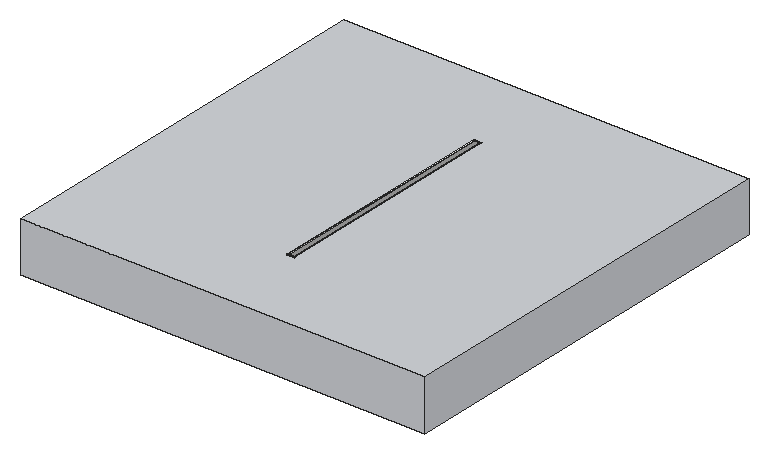
Revit family "LAMP_FIL 35 1400MM OPAL RECESSED", category Luminarias, Revit 2018
Family settings
  Anfitrión = Cara
  Cota de conector redondo = Diámetro de uso
  Tipo de pieza = Normal
  Corte con vacíos al cargar = No
  Origen de luz = Sí
  Compartido = No
  Punto de cálculo de habitación = No
Parameters (values of type "1520LM 3000K  BLACK")
  Ángulo de inclinación = -90.00°
  Weight = 3.35 kg
  Wattage = 14.4 W
  Type = "MID POWER TRIDONIC"
  built-in parameter 1150107 = 3000 (stored number, unit not read)
  Recessed dimensions = "1408x42x0"
  built-in parameter 1150110 = 1 (stored number, unit not read)
  built-in parameter 1150109 = 1 (stored number, unit not read)
  built-in parameter 1150112 = 1 (stored number, unit not read)
  built-in parameter 1150113 = 1 (stored number, unit not read)
  built-in parameter 1114218 = 1 (stored number, unit not read)
  Protection rating = "IP20 / IK07"
  Product datasheet = "http://www.lamp.es/product-files/TECH/F31RE140LOOP830NB-EN.pdf"
  Product code = "F31RE140LOOP830NB"
  Product URL = "https://www.lamp.es/en/family/fil-35_413911"
  Power Supply = "220-240V 50/60Hz"
  Power = 14 W
  Plum = 14.4 W
  Photobiological risk = ""
  NOT COVER 2 [instance] = not(END COVER 2)  # no
  NOT COVER 1 [instance] = not(END COVER 1)  # no
  built-in parameter 1150137 = (empty or 0)
  built-in parameter 1150132 = 2
  Modelo = Product code  # "F31RE140LOOP830NB"
  Model Explanation = ""
  Material suspension = LAMP_Acero genérico
  Material perfil = LAMP_Aluminio Perfil Fil NG
  Material difusor = LAMP_PC Difusor Opal Fil
  Manufacturer name = "LAMP"
  Manufacturer country = "Spain"
  Manufacturer URL = "http://www.lamp.es/en"
  MacAdam = "3"
  Longitud de línea de emisión = 1400 mm
  Last update = "04/05/2021"
  Lamp = "MID-POWER LED"
  LED Lifetime = "50.000 L90 B10"
  built-in parameter 1150105 = 121.01 (stored number, unit not read)
  built-in parameter 1150102 = (empty or 0)
  Insulation class = "I"
  Installation instructions = "https://www.lamp.es/product-files/INS/1004590-A%20INSTR.%20FIL35.pdf"
  built-in parameter 1150106 = 1.2101 (stored number, unit not read)
  IEE = "A+"
  Gear = "Electronic"
  Lumens = 1520.64 lm
  Finish = "Matte black RAL 9011"
  Color Filter = 16777215
  built-in parameter 1114217 = 1 (stored number, unit not read)
  built-in parameter 1150139 = (empty or 0)
  Fabricante = Manufacturer name  # "LAMP"
  Default Elevation = 1219.2 mm
  built-in parameter 1150104 = 9.8106 (stored number, unit not read)
  Efficacy = 105.6 lm/W
  END COVER 2 [instance] = yes
  END COVER 1 [instance] = yes
  Dimensions = "1400x45x76"
  Descripción = "FIL35 REC 1400 2000 WW OPAL BK."
  built-in parameter 1150115 = 1 (stored number, unit not read)
  built-in parameter 1150114 = 1 (stored number, unit not read)
  built-in parameter 1150138 = (empty or 0)
  built-in parameter 1150134 = 3
  Dimming Lamp Color Temperature Shift = (empty or 0)
  CRI = "80"
  Archivo de red fotométrica = "F31RE140LOOP830NB.IES"
  built-in parameter 1150133 = 10 (stored number, unit not read)
Types (12, lengths in mm): name | built-in parameter 1150107 | Product datasheet | Product code | Modelo | Material perfil | built-in parameter 1150105 | built-in parameter 1150106 | Finish | Descripción | Archivo de red fotométrica
  1520LM 3000K DALI BLACK | 3000 (stored number, unit not read) | "http://www.lamp.es/product-files/TECH/F31RE140LOOP830DB-EN.pdf" | "F31RE140LOOP830DB" | "F31RE140LOOP830DB" | LAMP_Aluminio Perfil Fil NG | 600.88 (stored number, unit not read) | 6.0088 (stored number, unit not read) | "Matte black RAL 9011" | "FIL35 REC 1400 2000 WW OPAL DALI BK." | "F31RE140LOOP830nB.IES"
  1520LM 3000K DALI GREY | 3000 (stored number, unit not read) | "http://www.lamp.es/product-files/TECH/F31RE140LOOP830DG-EN.pdf" | "F31RE140LOOP830DG" | "F31RE140LOOP830DG" | LAMP_Aluminio Perfil Fil GR | 600.88 (stored number, unit not read) | 6.0088 (stored number, unit not read) | "Gloss grey" | "FIL35 REC 1400 2000 WW OPAL DALI GR." | "F31RE140LOOP830nG.IES"
  1520LM 3000K DALI WHITE | 3000 (stored number, unit not read) | "http://www.lamp.es/product-files/TECH/F31RE140LOOP830DW-EN.pdf" | "F31RE140LOOP830DW" | "F31RE140LOOP830DW" | LAMP_Aluminio Perfil Fil BL | 600.88 (stored number, unit not read) | 6.0088 (stored number, unit not read) | "Matte white RAL 9010" | "FIL35 REC 1400 2000 WW OPAL DALI WH." | "F31RE140LOOP830nW.IES"
  1520LM 3000K  BLACK | 3000 (stored number, unit not read) | "http://www.lamp.es/product-files/TECH/F31RE140LOOP830NB-EN.pdf" | "F31RE140LOOP830NB" | "F31RE140LOOP830NB" | LAMP_Aluminio Perfil Fil NG | 121.01 (stored number, unit not read) | 1.2101 (stored number, unit not read) | "Matte black RAL 9011" | "FIL35 REC 1400 2000 WW OPAL BK." | "F31RE140LOOP830NB.IES"
  1520LM 3000K  GREY | 3000 (stored number, unit not read) | "http://www.lamp.es/product-files/TECH/F31RE140LOOP830NG-EN.pdf" | "F31RE140LOOP830NG" | "F31RE140LOOP830NG" | LAMP_Aluminio Perfil Fil GR | 600.88 (stored number, unit not read) | 6.0088 (stored number, unit not read) | "Gloss grey" | "FIL35 REC 1400 2000 WW OPAL GR." | "F31RE140LOOP830NG.IES"
  1520LM 3000K  WHITE | 3000 (stored number, unit not read) | "http://www.lamp.es/product-files/TECH/F31RE140LOOP830NW-EN.pdf" | "F31RE140LOOP830NW" | "F31RE140LOOP830NW" | LAMP_Aluminio Perfil Fil BL | 600.88 (stored number, unit not read) | 6.0088 (stored number, unit not read) | "Matte white RAL 9010" | "FIL35 REC 1400 2000 WW OPAL WH." | "F31RE140LOOP830NW.IES"
  1520LM 4000K DALI BLACK | 4000 (stored number, unit not read) | "http://www.lamp.es/product-files/TECH/F31RE140LOOP840DB-EN.pdf" | "F31RE140LOOP840DB" | "F31RE140LOOP840DB" | LAMP_Aluminio Perfil Fil NG | 600.88 (stored number, unit not read) | 6.0088 (stored number, unit not read) | "Matte black RAL 9011" | "FIL35 REC 1400 2000 NW OPAL DALI BK." | "F31RE140LOOP840nB.IES"
  1520LM 4000K DALI GREY | 4000 (stored number, unit not read) | "http://www.lamp.es/product-files/TECH/F31RE140LOOP840DG-EN.pdf" | "F31RE140LOOP840DG" | "F31RE140LOOP840DG" | LAMP_Aluminio Perfil Fil GR | 600.88 (stored number, unit not read) | 6.0088 (stored number, unit not read) | "Gloss grey" | "FIL35 REC 1400 2000 NW OPAL DALI GR." | "F31RE140LOOP840nG.IES"
  1520LM 4000K DALI WHITE | 4000 (stored number, unit not read) | "http://www.lamp.es/product-files/TECH/F31RE140LOOP840DW-EN.pdf" | "F31RE140LOOP840DW" | "F31RE140LOOP840DW" | LAMP_Aluminio Perfil Fil BL | 600.88 (stored number, unit not read) | 6.0088 (stored number, unit not read) | "Matte white RAL 9010" | "FIL35 REC 1400 2000 NW OPAL DALI WH." | "F31RE140LOOP840nW.IES"
  1520LM 4000K  BLACK | 4000 (stored number, unit not read) | "http://www.lamp.es/product-files/TECH/F31RE140LOOP840NB-EN.pdf" | "F31RE140LOOP840NB" | "F31RE140LOOP840NB" | LAMP_Aluminio Perfil Fil NG | 600.88 (stored number, unit not read) | 6.0088 (stored number, unit not read) | "Matte black RAL 9011" | "FIL35 REC 1400 2000 NW OPAL BK." | "F31RE140LOOP840NB.IES"
  1520LM 4000K  GREY | 4000 (stored number, unit not read) | "http://www.lamp.es/product-files/TECH/F31RE140LOOP840NG-EN.pdf" | "F31RE140LOOP840NG" | "F31RE140LOOP840NG" | LAMP_Aluminio Perfil Fil GR | 600.88 (stored number, unit not read) | 6.0088 (stored number, unit not read) | "Gloss grey" | "FIL35 REC 1400 2000 NW OPAL GR." | "F31RE140LOOP840NG.IES"
  1520LM 4000K  WHITE | 4000 (stored number, unit not read) | "http://www.lamp.es/product-files/TECH/F31RE140LOOP840NW-EN.pdf" | "F31RE140LOOP840NW" | "F31RE140LOOP840NW" | LAMP_Aluminio Perfil Fil BL | 600.88 (stored number, unit not read) | 6.0088 (stored number, unit not read) | "Matte white RAL 9010" | "FIL35 REC 1400 2000 NW OPAL WH." | "F31RE140LOOP840NW.IES"
Reference planes
  plane 1 "Centro (Frontal/Posterior)": y = 0
  plane 2: z = 0
  plane 3 "Centro (Izquierda/Derecha)": x = 0
Forms (mm)
  Extrusion 1, solid
    sketch origin (0, 0, 0) x (1, 0, 0) y (0, 1, 0)
      loop
        line (-1219.2, 1219.2) -> (-1219.2, -1219.2) -> (1219.2, -1219.2) -> (1219.2, 1219.2) -> (-1219.2, 1219.2)
    from 0 to -304.8
  Extrusion 2, solid, material "LAMP_Aluminio Perfil Fil NG" <- "Material perfil"
    sketch origin (0, 0, -281.8) x (1, 0, 0) y (0, 0, 1)
      loop
        line (-17.5, 281.8) -> (-17.5, 207) -> (0, 207) -> (17.5, 207) -> (17.5, 281.8) -> (22.5, 281.8) -> (22.5, 283) -> (16.5, 283) -> (16.5, 259) -> (0, 259) -> (-16.5, 259) -> (-16.5, 283) -> (-22.5, 283) -> (-22.5, 281.8) -> (-17.5, 281.8)
    from -700 to 700
  Extrusion 3, solid, material "LAMP_PC Difusor Opal Fil" <- "Material difusor"
    sketch origin (0, 0, -281.8) x (1, 0, 0) y (0, 0, 1)
      loop
        line (-16.5, 283) -> (-16.5, 281.8) -> (16.5, 281.8) -> (16.5, 283) -> (-16.5, 283)
    from -700 to 700
Text (mm)
  text "Any modification of the parameters and properties of the LAMP BIM models must be executed and validated by the LAMP technical department.\nPhone: +34 93 736 68 00\nE-mail: lamp@lamp.es\n\nLAMP reserves the right to modify the technical specifications of its products." at (3099.4, 5332.453, -2854.88), in view "Preview"
Dimensions and locks
  aligned and locked: plane 2 to Extrusion 1
  aligned and locked: level to Extrusion 1
Nested families
  nested 1: "LAMP_FIL 35 END COVER RECESSED" at (0, -701, -74.8), visible <- "END COVER 1", type "LAMP_FIL 35 END COVER RECESSED"
  nested 2: "LAMP_FIL 35 END COVER RECESSED" at (0, 701, -74.8) x (-1, 0, 0) z (0, 0, 1), visible <- "END COVER 2", type "LAMP_FIL 35 END COVER RECESSED"
Connectors
  electrical at (0, 0, -75.3)
    settings: on Extrusion 2, index 1, voltage 230 V, apparent load 0 VA, apparent load phase1 0 VA, apparent load phase2 0 VA, apparent load phase3 0 VA, power factor 1, load classification "Otro", number of poles 1, system type 31, power factor state 1, is connector primary yes, connector utility no, sub classification motor no, connector description ""
Definition of nested family "LAMP_FIL 35 END COVER RECESSED"
  Parameters (values of type "LAMP_FIL 35 END COVER RECESSED")
    Material tapa = none
  Reference planes
    plane 1 "Centro (Frontal/Posterior)": y = 0
    plane 2: z = 0
    plane 3 "Centro (Izquierda/Derecha)": x = 0
  Forms (mm)
    Extrusion 1, solid, material <- "Material tapa"
      sketch origin (0, 0, 76.8) x (0, -1, 0) y (0, 0, -1)
        loop
          line (1, 76.8) -> (-1, 76.8) -> (-1, 0.8) -> (5, 0.8) -> (5, 2) -> (1, 2) -> (1, 76.8)
      from -22.5 to 22.5
    Extrusion 2, void
      sketch origin (-5.1, 0, 0) x (1, 0, 0) y (0, 0, 1)
        loop
          line (22.6, 74.8) -> (22.6, 0) -> (27.6, 0) -> (27.6, 74.8) -> (22.6, 74.8)
      from -23.5 to 23.5
    Extrusion 3, void
      sketch origin (5.1, 0, 0) x (1, 0, 0) y (0, 0, 1)
        loop
          line (-22.6, 74.8) -> (-27.6, 74.8) -> (-27.6, 0) -> (-22.6, 0) -> (-22.6, 74.8)
      from -23.5 to 23.5
  Cuts and joins
    Extrusion 2, Extrusion 3 cuts Extrusion 1
  Dimensions and locks
    aligned and locked: level to plane 2
